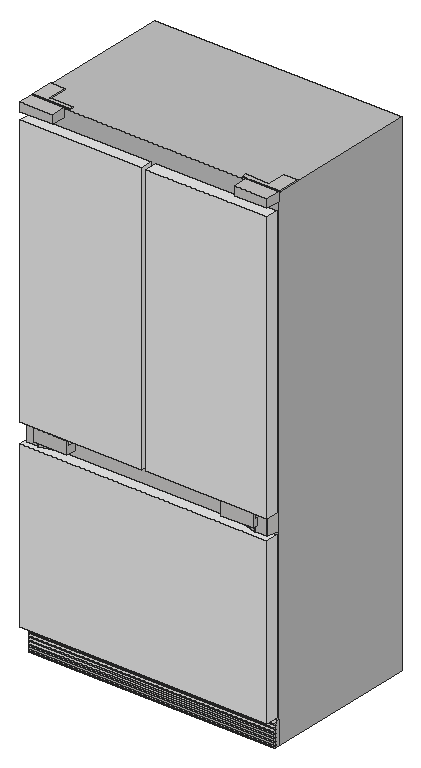
Revit family "FP-Revit20-RS36A72J1-FrenchDoorFridgeFreezer-0-90005086A-US-CA", category Specialty Equipment, Revit 2020
Family settings
  Round Connector Dimension = Use Diameter
  Part Type = Normal
  OmniClass Number = 23.40.40.11.11.17
  OmniClass Title = Refrigerator-Freezer
  Work Plane-Based = No
  Always vertical = Yes
  Cut with Voids When Loaded = Yes
  Shared = No
  Room Calculation Point = No
Parameters
  Visibility - Visibility Control Note = yes
  Visibility - Clearance Required = yes
  URL = "www.fisherpaykel.com"
  Stainless Steel Door Panels (RD90A) = no
  Product - Width = 906 mm  # constant formula
  Product - Height = 1798 mm  # constant formula
  Product - Depth = 604 mm  # constant formula
  Model = "RS36A72J1"
  Material - Trim = Fisher & Paykel - Stainless Steel
  Material - Rollers and Feet = Fisher & Paykel - Black
  Material - Door Structure = Fisher & Paykel - White
  Material - Door Front = Fisher & Paykel - Stainless Steel
  Material - Connections = Fisher & Paykel - Black
  Material - Body = Fisher & Paykel - Grey
  Manufacturer = "Fisher & Paykel Appliances"
  Handle Style - Contemporary Square Fine Black (AHD5RD90AB) = no
  Handle Style - Contemporary Square Fine (AHD5RD90A) = no
  Handle Style - Contemporary Square (RS90A) = no
  Handle Style - Contemporary Round (25329 AHS-ASBI-A) = no
  Description = "90cm Integrated French Door Refrigerator Freezer"
  Default Elevation = 0 mm
  Connector Description - Electrical = "115 V, 60 H, 10 A, fused electrical supply"
  Chassis - Width = 890 mm  # constant formula
  Chassis - Height = 1788 mm  # constant formula
  Chassis - Depth = 561.4 mm  # constant formula
  Cavity - Width = 914 mm  # constant formula
  Cavity - Height = 1800 mm  # constant formula
  Cavity - Depth = 650 mm  # constant formula
Reference planes
  plane 1 "Center (Front/Back)": y = 0
  plane 2: z = 0
  plane 3 "Center (Left/Right)": x = 0
  plane 4 "Product LHS": x = -453
  plane 5 "Product RHS": x = 453
  plane 6 "Cavity - Depth": y = 650
  plane 7 "Cavity LHS": x = -457
  plane 8 "Cavity RHS": x = 457
  plane 9 "Product - Depth": y = 622
  plane 10 "Product Height": z = 1798
  plane 11 "Cavity Height": z = 1800
  plane 12 "Datum": y = 18
Forms (mm)
  Extrusion 1, solid, material "Fisher & Paykel - Grey" <- "Material - Body"
    sketch origin (0, 0, 0) x (0, 1, 0) y (0, 0, 1)
      loop
        line (68.89, 6.6) -> (622, 6.6) -> (622, 1794.6) -> (68.89, 1794.6) -> (68.89, 6.6)
    from -445 to 445
  Extrusion 2, solid, material "Fisher & Paykel - Black" <- "Material - Rollers and Feet"
    sketch origin (0, 0, -4) x (0, 1, 0) y (0, 0, 1)
      loop
        arc (120.09, 10.6) -> (136.133, 4) -> (152.177, 10.6) r 22.8
        line (152.177, 10.6) -> (120.09, 10.6)
      loop
        arc (555.39, 10.6) -> (571.433, 4) -> (587.477, 10.6) r 22.8
        line (587.477, 10.6) -> (555.39, 10.6)
    from 402 to 429
  Extrusion 3, solid, material "Fisher & Paykel - Clearance Required", visible <- "Visibility - Clearance Required", detail levels coarse
    sketch origin (0, 0, 0) x (0, 1, 0) y (0, 0, 1)
      loop
        line (-0.043, 696.43) -> (-359.921, 696.43) -> (-359.921, 631.801) -> (-401.921, 631.801) -> (-401.921, 615.801) -> (-359.921, 615.801) -> (-359.921, 100.03) -> (-0.043, 100.03) -> (-0.043, 696.43)
    from -453 to 453
  Extrusion 4, solid, material "Fisher & Paykel - White" <- "Material - Door Structure"
    sketch origin (0, 0, 0) x (1, 0, 0) y (0, 0, 1)
      loop
        line (-7.74, 1737.6) -> (-445, 1737.6) -> (-445, 763.6) -> (-7.74, 763.6) -> (-7.74, 1737.6)
      loop
        line (7.74, 1737.6) -> (7.74, 763.6) -> (445, 763.6) -> (445, 1737.6) -> (7.74, 1737.6)
      loop
        line (-445, 693.1) -> (-445, 101.1) -> (445, 101.1) -> (445, 693.1) -> (-445, 693.1)
    from -60.6 to -18
  Extrusion 5, solid, material "Fisher & Paykel - White" <- "Material - Door Structure"
    sketch origin (0, 0, 0) x (1, 0, 0) y (0, 0, 1)
      loop
        line (-434.6, 685.2) -> (-434.6, 109) -> (434.6, 109) -> (434.6, 685.2) -> (-434.6, 685.2)
      loop
        line (-13.88, 776) -> (-13.88, 1722.7) -> (-434.58, 1722.7) -> (-434.58, 776) -> (-13.88, 776)
      loop
        line (13.88, 776) -> (434.58, 776) -> (434.58, 1722.7) -> (13.88, 1722.7) -> (13.88, 776)
    from -68.89 to -60.552
  Extrusion 6, solid, material "Fisher & Paykel - Stainless Steel" <- "Material - Trim"
    sketch origin (0, -2, 0) x (1, 0, 0) y (0, 1, 0)
      loop
        line (-441.5, 70.89) -> (-434.782, 36.328)
        arc (-434.782, 36.328) -> (-433.745, 34.585) -> (-431.837, 33.9) r 3
        line (-431.837, 33.9) -> (-393.733, 33.9)
        arc (-393.733, 33.9) -> (-391.738, 34.034) -> (-389.779, 34.431) r 15
        line (-389.779, 34.431) -> (-320.032, 53.491) -> (320.032, 53.491) -> (389.779, 34.431)
        arc (389.779, 34.431) -> (391.738, 34.034) -> (393.733, 33.9) r 15
        line (393.733, 33.9) -> (431.837, 33.9)
        arc (431.837, 33.9) -> (433.745, 34.585) -> (434.782, 36.328) r 3
        line (434.782, 36.328) -> (441.5, 70.89) -> (-441.5, 70.89)
    from 696.967 to 759.03
  Extrusion 7, solid, material "Fisher & Paykel - Stainless Steel" <- "Material - Trim"
    sketch origin (0, -2, 0) x (0, 1, 0) y (0, 0, 1)
      loop
        line (20, 762.6) -> (20, 715.3) -> (70.89, 715.3) -> (70.89, 743.6) -> (25, 743.6) -> (25, 762.6) -> (20, 762.6)
    from 276.67 to 395
  Extrusion 8, solid, material "Fisher & Paykel - Stainless Steel" <- "Material - Trim"
    sketch origin (0, -2, 0) x (0, 1, 0) y (0, 0, -1)
      loop
        line (20, -762.6) -> (25, -762.6) -> (25, -743.6) -> (70.89, -743.6) -> (70.89, -715.3) -> (20, -715.3) -> (20, -762.6)
    from 276.67 to 395
  Extrusion 9, solid, material "Fisher & Paykel - Stainless Steel" <- "Material - Trim"
    sketch origin (0, 0, 0) x (1, 0, 0) y (0, 1, 0)
      loop
        line (-327.17, 18) -> (-327.17, 68.89) -> (-445, 68.89) -> (-445, 18) -> (-327.17, 18)
      loop
        line (445, 18) -> (445, 68.89) -> (327.17, 68.89) -> (327.17, 18) -> (445, 18)
    from 1765.6 to 1797.6
  Extrusion 10, solid, material "Fisher & Paykel - Stainless Steel" <- "Material - Trim", detail levels fine
    sketch origin (0, 0, 0) x (1, 0, 0) y (0, 1, 0)
      loop
        line (-445, 154.61) -> (-445, 73.11) -> (-311.45, 73.11) -> (-311.45, 88.11) -> (-394, 88.11) -> (-394, 154.61) -> (-445, 154.61)
      loop
        line (445, 154.61) -> (394.85, 154.61) -> (394.85, 88.11) -> (311.45, 88.11) -> (311.45, 73.11) -> (445, 73.11) -> (445, 154.61)
    from 1794.6 to 1797.6
  Extrusion 11, solid, material "Fisher & Paykel - Black" <- "Material - Rollers and Feet", detail levels fine
    sketch origin (0, 0, -4) x (0, 1, 0) y (0, 0, -1)
      loop
        line (120.09, -10.6) -> (152.177, -10.6)
        arc (152.177, -10.6) -> (136.133, -4) -> (120.09, -10.6) r 22.8
      loop
        line (555.39, -10.6) -> (587.477, -10.6)
        arc (587.477, -10.6) -> (571.433, -4) -> (555.39, -10.6) r 22.8
    from 402 to 429
  Extrusion 12, solid, material "Fisher & Paykel - Stainless Steel" <- "Material - Trim", detail levels fine
    sketch origin (0, -2, 0) x (0, 1, 0) y (0, 0, 1)
      loop
        line (24.91, 101.1) -> (24.91, 94.1) -> (50.15, 94.1) -> (50.15, 101.1) -> (24.91, 101.1)
    from -20.67 to 20.7
  Extrusion 13, solid, material "Fisher & Paykel - Stainless Steel" <- "Material - Trim", detail levels fine
    sketch origin (0, -2, 0) x (0, 1, 0) y (0, 0, 1)
      loop
        line (70.89, 90.613) -> (53.491, 85.951) -> (53.491, 81.639) -> (61.43, 81.639) -> (61.43, 75.465) -> (53.491, 73.338) -> (53.491, 69.031) -> (61.43, 69.031) -> (61.43, 62.857) -> (53.491, 60.73) -> (53.491, 56.423) -> (61.43, 56.423) -> (61.43, 50.254) -> (53.491, 48.127) -> (53.491, 43.821) -> (61.43, 43.821) -> (61.43, 37.652) -> (53.491, 35.525) -> (53.491, 31.218) -> (61.43, 31.218) -> (61.43, 25.049) -> (53.491, 22.922) -> (53.491, 18.585) -> (61.43, 18.585) -> (61.43, 12.447) -> (53.491, 10.32) -> (53.491, 6.6) -> (70.89, 6.6) -> (70.89, 90.613)
    from -445 to 445
  Extrusion 14, solid, material "Fisher & Paykel - Stainless Steel" <- "Material - Trim", detail levels coarse+medium
    sketch origin (0, -2, 0) x (0, 1, 0) y (0, 0, 1)
      loop
        line (70.89, 90.613) -> (53.491, 85.951) -> (53.491, 6.6) -> (70.89, 6.6) -> (70.89, 90.613)
    from -445 to 445
  Extrusion 15, void
    sketch origin (0, -2000, 0) x (1, 0, 0) y (0, 1, 0)
      loop
        line (-386.5, 2622) -> (-386.5, 2068.89) -> (386.5, 2068.89) -> (386.5, 2622) -> (-386.5, 2622)
    from 6.6 to 56.423
  Extrusion 16, solid, material "Fisher & Paykel - Stainless Steel" <- "Material - Door Front", visible <- "Stainless Steel Door Panels (RD90A)"
    sketch origin (0, 0, 0) x (1, 0, 0) y (0, 0, 1)
      loop
        line (-448, 696.43) -> (-448, 100.03) -> (448, 100.03) -> (448, 696.43) -> (-448, 696.43)
      loop
        line (-448, 700.43) -> (-2, 700.43) -> (-2, 1796.43) -> (-448, 1796.43) -> (-448, 700.43)
      loop
        line (2, 1796.43) -> (2, 700.43) -> (448, 700.43) -> (448, 1796.43) -> (2, 1796.43)
    from -18 to 0.043
  Extrusion 17, void
    sketch origin (0, -2, 0) x (1, 0, 0) y (0, 1, 0)
      loop
        arc (445, 57.948) -> (443.695, 54.796) -> (440.543, 53.491) r 4.457
        line (440.543, 53.491) -> (445, 53.491) -> (445, 57.948)
      loop
        line (-445, 57.948) -> (-445, 53.491) -> (-440.543, 53.491)
        arc (-440.543, 53.491) -> (-443.695, 54.796) -> (-445, 57.948) r 4.457
    from 6.6 to 100.03
  Extrusion 18, solid, material "Fisher & Paykel - Clearance Required", visible <- "Visibility - Clearance Required", detail levels coarse
    sketch origin (0, 0, 0) x (1, 0, 0) y (0, 1, 0)
      loop
        line (-457, 650) -> (-457, 18) -> (457, 18) -> (457, 650) -> (-457, 650)
    from 0 to 1800
  Extrusion 19, solid, material "Fisher & Paykel - Clearance Required", visible <- "Visibility - Clearance Required", detail levels coarse
    sketch origin (0, 0, 0) x (1, 0, 0) y (0, 1, 0)
      loop
        line (-453, -0.043) -> (-610.872, -338.602) -> (-647.125, -321.697) -> (-653.73, -335.861) -> (-617.477, -352.766) -> (-643.601, -408.788)
        arc (-643.601, -408.788) -> (-210.678, -380.413) -> (-2, -0.043) r 451
        line (-2, -0.043) -> (-453, -0.043)
      loop
        line (453, -0.043) -> (2, -0.043)
        arc (2, -0.043) -> (210.678, -380.413) -> (643.601, -408.788) r 451
        line (643.601, -408.788) -> (617.477, -352.766) -> (653.73, -335.861) -> (647.125, -321.697) -> (610.872, -338.602) -> (453, -0.043)
    from 700.43 to 1800
  Extrusion 20, void
    sketch origin (0, 0, 0) x (1, 0, 0) y (0, 0, 1)
      loop
        line (275, 69.031) -> (275, 200) -> (0, 200) -> (0, 69.031) -> (275, 69.031)
      loop
        circle (225, 135) r 3
      loop
        circle (50, 135) r 3
    from -622 to -620
  Extrusion 21, void
    sketch origin (0, 0, 0) x (1, 0, 0) y (0, 1, 0)
      loop
        line (-457, 650) -> (-457, 0) -> (457, 0) -> (457, 650) -> (-457, 650)
    from 0 to 1800
Cuts and joins
  Extrusion 15, Extrusion 20 cuts Extrusion 1
  Extrusion 17 cuts Extrusion 13
  Extrusion 17 cuts Extrusion 14
  joined: Extrusion 6, Extrusion 7, Extrusion 8
Lines and regions (mm)
  model lines, style "Fisher & Paykel"
    curve 1: line (-453, 18, 1796.43) -> (-2, 18, 1796.43)
    curve 2: line (-453, 18, 700.43) -> (-453, 18, 1796.43)
    curve 3: line (-2, 18, 700.43) -> (-453, 18, 700.43)
    curve 4: line (-2, 18, 1796.43) -> (-2, 18, 700.43)
    curve 5: line (2, 18, 700.43) -> (453, 18, 700.43)
    curve 6: line (2, 18, 1796.43) -> (2, 18, 700.43)
    curve 7: line (453, 18, 1796.43) -> (2, 18, 1796.43)
    curve 8: line (453, 18, 700.43) -> (453, 18, 1796.43)
    curve 9: line (-453, 18, 696.43) -> (453, 18, 696.43)
    curve 10: line (-453, 18, 100.03) -> (-453, 18, 696.43)
    curve 11: line (453, 18, 100.03) -> (-453, 18, 100.03)
    curve 12: line (453, 18, 696.43) -> (453, 18, 100.03)
Text (mm)
  text "Due to ongoing product development, product details are subject to change without notice. \nPlease always refer to www.fisherpaykel.com for the most current product information. \n© Fisher & Paykel 2020" at (41.04, -527.568, 0), in view "Ref. Level (Plan)"
Dimensions and locks
  equal spacing: plane 4 "Product LHS", plane 3 "Center (Left/Right)", plane 5 "Product RHS"
  "Product - Width": plane 4 "Product LHS" to plane 5 "Product RHS"
  "Cavity - Depth": plane 1 "Center (Front/Back)" to plane 6 "Cavity - Depth"
  equal spacing: plane 7 "Cavity LHS", plane 3 "Center (Left/Right)", plane 8 "Cavity RHS"
  "Cavity - Width": plane 7 "Cavity LHS" to plane 8 "Cavity RHS"
  "Product - Height": level to plane 10 "Product Height"
  "Cavity - Height": plane 11 "Cavity Height" to level
  "Chassis - Height": Extrusion 1 to Extrusion 1
  Extrusion 12 to Extrusion 14 = 94.5 mm
  locked: plane 1 "Center (Front/Back)" to plane 12 "Datum" at 18
  "Product - Depth": plane 9 "Product - Depth" to plane 12 "Datum"
  equal spacing: cut or joined group of Extrusion 1, Extrusion 15, Extrusion 20, plane 3 "Center (Left/Right)", cut or joined group of Extrusion 1, Extrusion 15, Extrusion 20  (x2)
  "Chassis - Width": cut or joined group of Extrusion 1, Extrusion 15, Extrusion 20 to cut or joined group of Extrusion 1, Extrusion 15, Extrusion 20
  aligned and locked: level to plane 2
  aligned and locked: Extrusion 17 to Extrusion 2
  aligned and locked: plane 9 "Product - Depth" to Extrusion 1
  aligned and locked: cut or joined group of Extrusion 1, Extrusion 15, Extrusion 20 to Extrusion 13
  aligned and locked: cut or joined group of Extrusion 1, Extrusion 15, Extrusion 20 to Extrusion 14
  aligned and locked: Extrusion 14 to cut or joined group of Extrusion 1, Extrusion 15, Extrusion 20
  aligned and locked: Extrusion 13 to cut or joined group of Extrusion 1, Extrusion 15, Extrusion 20
  aligned and locked: Extrusion 10 sketch curve to cut or joined group of Extrusion 1, Extrusion 15, Extrusion 20
  aligned and locked: Extrusion 4 sketch curve to cut or joined group of Extrusion 1, Extrusion 15, Extrusion 20  (x2)
  aligned and locked: Extrusion 4 sketch curve to Extrusion 4 sketch curve
  aligned and locked: cut or joined group of Extrusion 1, Extrusion 15, Extrusion 20 to Extrusion 4 sketch curve
  aligned and locked: Extrusion 17 sketch curve to cut or joined group of Extrusion 13, Extrusion 17
  aligned and locked: Extrusion 9 to Extrusion 17 sketch curve
  aligned and locked: Extrusion 17 sketch curve to Extrusion 9
  aligned and locked: plane 9 "Product - Depth" to Extrusion 20
  aligned and locked: Extrusion 16 sketch curve to Extrusion 16 sketch curve  (x2)
Automatic sketch dimensions
  Extrusion 1 sketch curve to plane 9 "Product - Depth" = 0 mm
  level to Extrusion 1 sketch curve = 6.6 mm
  Extrusion 1 sketch curve to plane 12 "Datum" = 50.89 mm
  plane 10 "Product Height" to Extrusion 1 sketch curve = 3.4 mm
  level to Extrusion 2 sketch curve = 6.6 mm  (x2)
  Extrusion 2 sketch curve to plane 12 "Datum" = 102.09 mm
  Extrusion 2 sketch curve to Extrusion 2 sketch curve = 16.044 mm  (x2)
  Extrusion 2 sketch curve to plane 9 "Product - Depth" = 66.61 mm
  level to Extrusion 2 sketch curve = 22.8 mm  (x2)
  plane 1 "Center (Front/Back)" to Extrusion 3 sketch curve = 401.921 mm
  Extrusion 3 sketch curve to Extrusion 3 sketch curve = 42 mm
  level to Extrusion 3 sketch curve = 100.03 mm
  plane 1 "Center (Front/Back)" to Extrusion 3 sketch curve = 359.921 mm
  plane 1 "Center (Front/Back)" to Extrusion 3 sketch curve = 0.043 mm
  Extrusion 3 sketch curve to Extrusion 3 sketch curve = 515.771 mm
  Extrusion 3 sketch curve to Extrusion 3 sketch curve = 16 mm
  Extrusion 3 sketch curve to Extrusion 3 sketch curve = 64.629 mm
  Extrusion 4 sketch curve to plane 3 "Center (Left/Right)" = 7.74 mm
  plane 3 "Center (Left/Right)" to Extrusion 4 sketch curve = 7.74 mm
  level to Extrusion 4 sketch curve = 101.1 mm
  Extrusion 4 sketch curve to Extrusion 4 sketch curve = 592 mm
  Extrusion 4 sketch curve to Extrusion 4 sketch curve = 70.5 mm
  Extrusion 4 sketch curve to Extrusion 4 sketch curve = 0 mm
  plane 10 "Product Height" to Extrusion 4 sketch curve = 60.4 mm  (x2)
  Extrusion 5 sketch curve to plane 4 "Product LHS" = 18.4 mm
  Extrusion 5 sketch curve to plane 4 "Product LHS" = 18.42 mm
  Extrusion 5 sketch curve to plane 3 "Center (Left/Right)" = 13.88 mm
  plane 3 "Center (Left/Right)" to Extrusion 5 sketch curve = 13.88 mm
  plane 5 "Product RHS" to Extrusion 5 sketch curve = 18.42 mm
  plane 5 "Product RHS" to Extrusion 5 sketch curve = 18.4 mm
  level to Extrusion 5 sketch curve = 109 mm
  Extrusion 5 sketch curve to Extrusion 5 sketch curve = 576.2 mm
  Extrusion 5 sketch curve to Extrusion 5 sketch curve = 90.8 mm
  Extrusion 5 sketch curve to Extrusion 5 sketch curve = 0 mm  (x2)
  plane 10 "Product Height" to Extrusion 5 sketch curve = 75.3 mm
  Extrusion 6 sketch curve to plane 4 "Product LHS" = 11.5 mm
  Extrusion 6 sketch curve to plane 4 "Product LHS" = 18.218 mm
  Extrusion 6 sketch curve to Extrusion 6 sketch curve = 2.945 mm  (x2)
  Extrusion 6 sketch curve to plane 12 "Datum" = 13.9 mm
  Extrusion 6 sketch curve to Extrusion 6 sketch curve = 38.104 mm
  Extrusion 6 sketch curve to plane 12 "Datum" = 14.431 mm  (x2)
  Extrusion 6 sketch curve to Extrusion 6 sketch curve = 3.954 mm  (x2)
  Extrusion 6 sketch curve to plane 12 "Datum" = 33.491 mm
  Extrusion 6 sketch curve to Extrusion 6 sketch curve = 69.747 mm
  plane 5 "Product RHS" to Extrusion 6 sketch curve = 132.968 mm
  plane 5 "Product RHS" to Extrusion 6 sketch curve = 63.221 mm
  plane 5 "Product RHS" to Extrusion 6 sketch curve = 21.163 mm
  plane 5 "Product RHS" to Extrusion 6 sketch curve = 11.5 mm
  Extrusion 6 sketch curve to plane 1 "Center (Front/Back)" = 31.9 mm
  Extrusion 6 sketch curve to Extrusion 6 sketch curve = 2.428 mm  (x2)
  Extrusion 6 sketch curve to Extrusion 6 sketch curve = 34.562 mm
  Extrusion 7 sketch curve to plane 12 "Datum" = 0 mm
  Extrusion 7 sketch curve to Extrusion 7 sketch curve = 5 mm
  Extrusion 7 sketch curve to Extrusion 7 sketch curve = 50.89 mm
  level to Extrusion 7 sketch curve = 715.3 mm
  Extrusion 7 sketch curve to Extrusion 7 sketch curve = 28.3 mm
  Extrusion 7 sketch curve to Extrusion 7 sketch curve = 19 mm
  Extrusion 8 sketch curve to plane 12 "Datum" = 0 mm
  Extrusion 8 sketch curve to Extrusion 8 sketch curve = 5 mm
  Extrusion 8 sketch curve to Extrusion 8 sketch curve = 50.89 mm
  level to Extrusion 8 sketch curve = 762.6 mm
  Extrusion 8 sketch curve to Extrusion 8 sketch curve = 19 mm
  Extrusion 8 sketch curve to Extrusion 8 sketch curve = 28.3 mm
  plane 12 "Datum" to Extrusion 9 sketch curve = 0 mm  (x2)
  Extrusion 9 sketch curve to plane 4 "Product LHS" = 8 mm
  Extrusion 9 sketch curve to plane 12 "Datum" = 50.89 mm  (x2)
  Extrusion 9 sketch curve to Extrusion 9 sketch curve = 117.83 mm
  plane 5 "Product RHS" to Extrusion 9 sketch curve = 125.83 mm
  plane 5 "Product RHS" to Extrusion 9 sketch curve = 8 mm
  Extrusion 10 sketch curve to Extrusion 10 sketch curve = 51 mm
  Extrusion 10 sketch curve to Extrusion 10 sketch curve = 82.55 mm
  Extrusion 10 sketch curve to plane 12 "Datum" = 55.11 mm  (x2)
  plane 5 "Product RHS" to Extrusion 10 sketch curve = 141.55 mm
  plane 5 "Product RHS" to Extrusion 10 sketch curve = 58.15 mm
  plane 5 "Product RHS" to Extrusion 10 sketch curve = 8 mm
  Extrusion 10 sketch curve to Extrusion 10 sketch curve = 15 mm  (x2)
  Extrusion 10 sketch curve to Extrusion 10 sketch curve = 66.5 mm  (x2)
  level to Extrusion 11 sketch curve = 6.6 mm  (x2)
  Extrusion 11 sketch curve to plane 12 "Datum" = 102.09 mm
  Extrusion 11 sketch curve to Extrusion 11 sketch curve = 16.044 mm  (x2)
  Extrusion 11 sketch curve to plane 9 "Product - Depth" = 66.61 mm
  level to Extrusion 11 sketch curve = 22.8 mm  (x2)
  Extrusion 12 sketch curve to plane 12 "Datum" = 4.91 mm
  Extrusion 12 sketch curve to Extrusion 12 sketch curve = 25.24 mm
  level to Extrusion 12 sketch curve = 94.1 mm
  Extrusion 12 sketch curve to Extrusion 12 sketch curve = 7 mm
  Extrusion 13 sketch curve to plane 12 "Datum" = 33.491 mm  (x3)
  level to Extrusion 13 sketch curve = 6.6 mm
  Extrusion 13 sketch curve to Extrusion 13 sketch curve = 0 mm  (x8)
  Extrusion 13 sketch curve to Extrusion 13 sketch curve = 7.939 mm  (x2)
  Extrusion 13 sketch curve to Extrusion 13 sketch curve = 9.46 mm
  Extrusion 13 sketch curve to Extrusion 13 sketch curve = 3.72 mm
  Extrusion 13 sketch curve to Extrusion 13 sketch curve = 2.127 mm
  Extrusion 13 sketch curve to Extrusion 13 sketch curve = 8.266 mm
  Extrusion 13 sketch curve to Extrusion 13 sketch curve = 4.337 mm
  Extrusion 13 sketch curve to Extrusion 13 sketch curve = 6.464 mm
  Extrusion 13 sketch curve to Extrusion 13 sketch curve = 6.169 mm  (x3)
  Extrusion 13 sketch curve to Extrusion 13 sketch curve = 4.306 mm  (x4)
  Extrusion 13 sketch curve to Extrusion 13 sketch curve = 6.433 mm  (x4)
  Extrusion 13 sketch curve to Extrusion 13 sketch curve = 6.175 mm  (x2)
  Extrusion 13 sketch curve to Extrusion 13 sketch curve = 4.312 mm
  Extrusion 13 sketch curve to Extrusion 13 sketch curve = 8.974 mm
  Extrusion 14 sketch curve to plane 12 "Datum" = 33.491 mm
  level to Extrusion 14 sketch curve = 6.6 mm
  Extrusion 14 sketch curve to Extrusion 14 sketch curve = 17.399 mm
  Extrusion 14 sketch curve to Extrusion 14 sketch curve = 79.351 mm
  Extrusion 14 sketch curve to Extrusion 14 sketch curve = 4.662 mm
  Extrusion 15 sketch curve to plane 9 "Product - Depth" = 0 mm
  Extrusion 15 sketch curve to plane 4 "Product LHS" = 66.5 mm
  plane 5 "Product RHS" to Extrusion 15 sketch curve = 66.5 mm
  Extrusion 15 sketch curve to plane 12 "Datum" = 50.89 mm
  Extrusion 17 sketch curve to Extrusion 17 sketch curve = 4.457 mm  (x2)
  Extrusion 17 sketch curve to plane 12 "Datum" = 33.491 mm
  Extrusion 18 sketch curve to plane 7 "Cavity LHS" = 0 mm
  Extrusion 18 sketch curve to plane 8 "Cavity RHS" = 0 mm
  plane 12 "Datum" to Extrusion 18 sketch curve = 0 mm
  plane 6 "Cavity - Depth" to Extrusion 18 sketch curve = 0 mm
  Extrusion 19 sketch curve to plane 4 "Product LHS" = 0 mm  (x2)
  Extrusion 19 sketch curve to plane 5 "Product RHS" = 0 mm  (x2)
  plane 7 "Cavity LHS" to Extrusion 19 sketch curve = 153.872 mm
  Extrusion 19 sketch curve to Extrusion 19 sketch curve = 6.605 mm  (x3)
  Extrusion 19 sketch curve to Extrusion 19 sketch curve = 26.124 mm
  Extrusion 19 sketch curve to Extrusion 19 sketch curve = 36.252 mm  (x2)
  plane 1 "Center (Front/Back)" to Extrusion 19 sketch curve = 0.043 mm  (x2)
  Extrusion 19 sketch curve to plane 3 "Center (Left/Right)" = 2 mm
  plane 3 "Center (Left/Right)" to Extrusion 19 sketch curve = 2 mm
  Extrusion 19 sketch curve to plane 8 "Cavity RHS" = 153.872 mm
  plane 1 "Center (Front/Back)" to Extrusion 19 sketch curve = 408.788 mm
  plane 1 "Center (Front/Back)" to Extrusion 19 sketch curve = 335.861 mm
  Extrusion 20 sketch curve to plane 3 "Center (Left/Right)" = 0 mm
  plane 3 "Center (Left/Right)" to Extrusion 20 sketch curve = 50 mm
  Extrusion 20 sketch curve to Extrusion 20 sketch curve = 175 mm
  Extrusion 20 sketch curve to Extrusion 20 sketch curve = 50 mm
  level to Extrusion 20 sketch curve = 69.031 mm
  Extrusion 20 sketch curve to Extrusion 20 sketch curve = 65.969 mm  (x2)
  Extrusion 20 sketch curve to Extrusion 20 sketch curve = 65 mm
  Extrusion 21 sketch curve to plane 7 "Cavity LHS" = 0 mm
  Extrusion 21 sketch curve to plane 8 "Cavity RHS" = 0 mm
  plane 12 "Datum" to Extrusion 21 sketch curve = 18 mm
  plane 6 "Cavity - Depth" to Extrusion 21 sketch curve = 0 mm
  plane 4 "Product LHS" to curve 1 = 0 mm
  plane 5 "Product RHS" to curve 8 = 0 mm
  plane 4 "Product LHS" to curve 9 = 0 mm
  plane 5 "Product RHS" to curve 9 = 0 mm
  plane 10 "Product Height" to curve 1 = 1.57 mm
  plane 10 "Product Height" to curve 8 = 1.57 mm
  level to curve 5 = 700.43 mm
  curve 4 to plane 3 "Center (Left/Right)" = 2 mm
  curve 4 to curve 5 = 0 mm
  curve 2 to curve 9 = 4 mm
  level to curve 11 = 100.03 mm
  plane 3 "Center (Left/Right)" to curve 7 = 2 mm
  Extrusion 16 sketch curve to plane 4 "Product LHS" = 5 mm
  plane 10 "Product Height" to Extrusion 16 sketch curve = 1.57 mm  (x2)
  Extrusion 16 sketch curve to plane 3 "Center (Left/Right)" = 2 mm
  plane 3 "Center (Left/Right)" to Extrusion 16 sketch curve = 2 mm
  plane 5 "Product RHS" to Extrusion 16 sketch curve = 5 mm
  level to Extrusion 16 sketch curve = 700.43 mm
  Extrusion 16 sketch curve to Extrusion 16 sketch curve = 0 mm
  Extrusion 16 sketch curve to Extrusion 16 sketch curve = 4 mm
  level to Extrusion 16 sketch curve = 100.03 mm
  radius of Extrusion 20 sketch curve = 3 mm  (x2)
Nested families
  nested 1: "F&P Handle Kit - Contemporary Square - Horizontal" at (0, 0, 623.802), visible <- "Handle Style - Contemporary Square (RS90A)", type "RS90A - Contemporary square handle (2 of 2) (Horizontal) 746mm"
  nested 2: "F&P Handle Kit - Contemporary Square - Vertical" at (67.3, 0, 1128.5), visible <- "Handle Style - Contemporary Square (RS90A)", type "RS90A - Contemporary square handle (1 of 2) (Vertical) 727mm"
  nested 3: "F&P Handle Kit - Contemporary Square - Vertical" at (-67.3, 0, 1128.5), visible <- "Handle Style - Contemporary Square (RS90A)", type "RS90A - Contemporary square handle (1 of 2) (Vertical) 727mm"
  nested 4: "Comment Marker 2D" at (0, 95.815, 0), visible <- "Visibility - Visibility Control Note", type "Active"
  nested 5: "F&P Handle Kit - Contemporary Round - Horizontal" at (0, -0.043, 623.78), visible <- "Handle Style - Contemporary Round (25329 AHS-ASBI-A)", type "25329 AHS-ASBI-A - Contemporary round handle (2 of 2) (Horizontal) 746mm"
  nested 6: "F&P Handle Kit - Contemporary Round - Vertical" at (-67.3, -0.043, 1128.5), visible <- "Handle Style - Contemporary Round (25329 AHS-ASBI-A)", type "25329 AHS-ASBI-A - Contemporary round handle (1 of 2) (Vertical) 727mm"
  nested 7: "F&P Handle Kit - Contemporary Square Fine - Horizontal" at (0, -0.043, 623.78), visible <- "Handle Style - Contemporary Square Fine (AHD5RD90A)", type "AHD5RD90A - Contemporary square fine handle (2 of 2) (Horizontal) 746mm"
  nested 8: "F&P Handle Kit - Contemporary Square Fine - Horizontal" at (0, -0.043, 623.78), visible <- "Handle Style - Contemporary Square Fine Black (AHD5RD90AB)", type "AHD5RD90AB - Contemporary square fine black handle (2 of 2) (Horizontal) 746mm"
  nested 9: "F&P Handle Kit - Contemporary Square Fine - Vertical" at (-67.3, -0.043, 1128.5), visible <- "Handle Style - Contemporary Square Fine (AHD5RD90A)", type "AHD5RD90A - Contemporary square fine handle (1 of 2) (Vertical) 727mm"
  nested 10: "F&P Handle Kit - Contemporary Square Fine - Vertical" at (-67.3, -0.043, 1128.5), visible <- "Handle Style - Contemporary Square Fine Black (AHD5RD90AB)", type "AHD5RD90AB - Contemporary square fine black handle (1 of 2) (Vertical) 727mm"
  nested 11: "F&P Handle Kit - Contemporary Round - Vertical" at (67.3, -0.043, 1128.5), visible <- "Handle Style - Contemporary Round (25329 AHS-ASBI-A)", type "25329 AHS-ASBI-A - Contemporary round handle (1 of 2) (Vertical) 727mm"
  nested 12: "F&P Handle Kit - Contemporary Square Fine - Vertical" at (67.3, -0.043, 1128.5), visible <- "Handle Style - Contemporary Square Fine (AHD5RD90A)", type "AHD5RD90A - Contemporary square fine handle (1 of 2) (Vertical) 727mm"
  nested 13: "F&P Handle Kit - Contemporary Square Fine - Vertical" at (67.3, -0.043, 1128.5), visible <- "Handle Style - Contemporary Square Fine Black (AHD5RD90AB)", type "AHD5RD90AB - Contemporary square fine black handle (1 of 2) (Vertical) 727mm"
Connectors
  electrical at (50, 622, 135), driven by "Connector Description - Electrical"
    settings: on cut or joined group of Extrusion 1, Extrusion 15, Extrusion 20, index 1, voltage 230 V, apparent load 0 VA, apparent load phase1 0 VA, apparent load phase2 0 VA, apparent load phase3 0 VA, power factor 1, load classification "Other", number of poles 1, system type 30, power factor state 1, is connector primary yes, connector utility no, sub classification motor no, connector description "115 V, 60 H, 10 A, fused electrical supply"
Definition of nested family "F&P Handle Kit - Contemporary Square - Horizontal"
  Parameters (values of type "RS90A - Contemporary square handle (2 of 2) (Horizontal) 746mm")
    URL = "www.fisherpaykel.com"
    Material - Handle = none
    Manufacturer = "Fisher & Paykel Appliances"
    Handle - Length = 746 mm
    Default Elevation = 0 mm
  Types (9, lengths in mm): name | Handle - Length
    (no name) | 746
    AHD3RD2484W - Contemporary square handle (2 of 2) (Horizontal) 494mm | 494
    AHD3RD3084W - Contemporary square handle (2 of 2) (Horizontal) 646mm | 646
    AHD3RS3272A - Contemporary square handle (2 of 2) (Horizontal) 646mm | 646
    AHD3RS80A - Contemporary square handle (2 of 2) (Horizontal) 646mm | 646
    AHD3RD6121W - Contemporary square handle (2 of 2) (Horizontal) 494mm | 494
    AHD3RD7621W - Contemporary square handle (2 of 2) (Horizontal) 646mm | 646
    RS36A - Contemporary square handle (2 of 2) (Horizontal) 746mm | 746
    RS90A - Contemporary square handle (2 of 2) (Horizontal) 746mm | 746
  Reference planes
    plane 1 "Center (Front/Back)": y = 0
    plane 2: z = 0
    plane 3 "Center (Left/Right)": x = 0
    plane 4 "Product LHS": x = -373
    plane 5 "Product RHS": x = 373
    plane 6 "LHS Standoff": x = -252.995
    plane 7 "RHS Standoff": x = 253.005
  Forms (mm)
    Extrusion 1, solid, material <- "Material - Handle", detail levels fine
      sketch origin (0, 0, 0) x (0, 1, 0) y (0, 0, 1)
        loop
          arc (-28.701, 7.561) -> (-29.057, 7.868) -> (-29.514, 7.978) r 1
          line (-29.514, 7.978) -> (-40.5, 7.978)
          arc (-40.5, 7.978) -> (-41.561, 7.539) -> (-42, 6.478) r 1.5
          line (-42, 6.478) -> (-42, -6.522)
          arc (-42, -6.522) -> (-41.561, -7.583) -> (-40.5, -8.022) r 1.5
          line (-40.5, -8.022) -> (-29.487, -8.022)
          arc (-29.487, -8.022) -> (-29.029, -7.911) -> (-28.673, -7.602) r 1
          arc (-28.673, -7.602) -> (-26.256, -0.016) -> (-28.701, 7.561) r 13.038
      from -373 to 373
    Extrusion 2, solid, material <- "Material - Handle", detail levels fine
      sketch origin (0, 0, 0) x (0, 1, 0) y (0, 0, 1)
        loop
          arc (-28.23, 7.062) -> (-26.156, 0.008) -> (-28.198, -7.056) r 13.136
          arc (-28.198, -7.056) -> (-28.21, -7.463) -> (-27.86, -7.67) r 0.4
          line (-27.86, -7.67) -> (0, -7.67) -> (0, 7.678) -> (-27.893, 7.678)
          arc (-27.893, 7.678) -> (-28.244, 7.47) -> (-28.23, 7.062) r 0.4
      from 253.005 to 373
    Extrusion 3, solid, material <- "Material - Handle", detail levels fine
      sketch origin (0, 0, 0) x (0, 1, 0) y (0, 0, -1)
        loop
          arc (-28.23, -7.062) -> (-28.244, -7.47) -> (-27.893, -7.678) r 0.4
          line (-27.893, -7.678) -> (0, -7.678) -> (0, 7.67) -> (-27.86, 7.67)
          arc (-27.86, 7.67) -> (-28.21, 7.463) -> (-28.198, 7.056) r 0.4
          arc (-28.198, 7.056) -> (-26.156, -0.008) -> (-28.23, -7.062) r 13.136
      from 252.995 to 373
    Sweep 4, void
      path in 3D
        loop
          line (373, -29.514, 7.978) -> (373, -40.5, 7.978)
          arc (373, -40.5, 7.978) -> (373, -41.561, 7.539) -> (373, -42, 6.478) r 1.5
          line (373, -42, 6.478) -> (373, -42, -6.522)
          arc (373, -42, -6.522) -> (373, -41.561, -7.583) -> (373, -40.5, -8.022) r 1.5
          line (373, -40.5, -8.022) -> (373, -29.487, -8.022)
      profile origin (373, -35.007, 7.978) x (1, 0, 0) y (0, 0, 1)
        loop
          line (0, 0) -> (-1.3, 0) -> (0, -1.3) -> (0, 0)
    Sweep 5, void
      path in 3D
        loop
          line (-373, -29.487, -8.022) -> (-373, -40.5, -8.022)
          arc (-373, -40.5, -8.022) -> (-373, -41.561, -7.583) -> (-373, -42, -6.522) r 1.5
          line (-373, -42, -6.522) -> (-373, -42, 6.478)
          arc (-373, -42, 6.478) -> (-373, -41.561, 7.539) -> (-373, -40.5, 7.978) r 1.5
          line (-373, -40.5, 7.978) -> (-373, -29.514, 7.978)
      profile origin (-373, -35.007, 7.978) x (-1, 0, 0) y (0, 0, 1)
        loop
          line (0, 0) -> (-1.3, 0) -> (0, -1.3) -> (0, 0)
    Extrusion 6, void
      sketch origin (0, 0, 0) x (1, 0, 0) y (0, 0, 1)
        loop
          line (373, 7.978) -> (371.7, 7.978) -> (373, 6.678) -> (373, 7.978)
        loop
          line (373, -8.022) -> (373, -6.722) -> (371.7, -8.022) -> (373, -8.022)
      from 0 to 40
    Extrusion 7, void
      sketch origin (0, 0, 0) x (1, 0, 0) y (0, 0, 1)
        loop
          line (-373, 7.978) -> (-373, 6.678) -> (-371.7, 7.978) -> (-373, 7.978)
        loop
          line (-373, -8.022) -> (-371.7, -8.022) -> (-373, -6.722) -> (-373, -8.022)
      from 0 to 40
    Extrusion 8, solid, material <- "Material - Handle", detail levels coarse+medium
      sketch origin (0, 0, 0) x (1, 0, 0) y (0, 1, 0)
        loop
          line (-373, -42) -> (373, -42) -> (373, 0) -> (253.005, 0) -> (253.005, -26.156) -> (-252.995, -26.156) -> (-252.995, 0) -> (-373, 0) -> (-373, -42)
      from -8.022 to 7.978
  Cuts and joins
    Sweep 4, Sweep 5, Extrusion 6, Extrusion 7 cuts Extrusion 1
    Extrusion 6 cuts Extrusion 2
    Extrusion 7 cuts Extrusion 3
  Lines and regions (mm)
    sketch lines
      curve 1: line (373, -29.514, 7.978) -> (373, -40.5, 7.978)
      curve 2: arc (373, -42, 6.478) -> (373, -41.561, 7.539) -> (373, -40.5, 7.978) r 1.5
      curve 3: line (373, -42, 6.478) -> (373, -42, -6.522)
      curve 4: arc (373, -40.5, -8.022) -> (373, -41.561, -7.583) -> (373, -42, -6.522) r 1.5
      curve 5: line (373, -40.5, -8.022) -> (373, -29.487, -8.022)
      curve 6: line (-373, -40.5, 7.978) -> (-373, -29.514, 7.978)
      curve 7: arc (-373, -40.5, 7.978) -> (-373, -41.561, 7.539) -> (-373, -42, 6.478) r 1.5
      curve 8: line (-373, -42, -6.522) -> (-373, -42, 6.478)
      curve 9: arc (-373, -42, -6.522) -> (-373, -41.561, -7.583) -> (-373, -40.5, -8.022) r 1.5
      curve 10: line (-373, -29.487, -8.022) -> (-373, -40.5, -8.022)
  Dimensions and locks
    equal spacing: plane 4 "Product LHS", plane 3 "Center (Left/Right)", plane 5 "Product RHS"
    "Handle - Length": plane 4 "Product LHS" to plane 5 "Product RHS"
    locked: plane 4 "Product LHS" to plane 6 "LHS Standoff" at 120.005
    locked: plane 7 "RHS Standoff" to plane 5 "Product RHS" at 119.995
    aligned and locked: level to plane 2
    aligned and locked: Extrusion 1 to plane 5 "Product RHS"
    aligned and locked: plane 4 "Product LHS" to Extrusion 1
    aligned and locked: Extrusion 2 to plane 5 "Product RHS"
    aligned and locked: plane 4 "Product LHS" to Extrusion 3
    aligned and locked: plane 4 "Product LHS" to Extrusion 8 sketch curve
    aligned and locked: Extrusion 8 sketch curve to plane 5 "Product RHS"
    aligned and locked: Extrusion 8 sketch curve to plane 7 "RHS Standoff"
    aligned and locked: plane 6 "LHS Standoff" to Extrusion 8 sketch curve
    aligned and locked: Extrusion 2 to plane 7 "RHS Standoff"
    aligned and locked: plane 6 "LHS Standoff" to Extrusion 3
  Automatic sketch dimensions
    Extrusion 1 sketch curve to level = 6.522 mm
    plane 1 "Center (Front/Back)" to Extrusion 1 sketch curve = 42 mm
    Extrusion 1 sketch curve to Extrusion 1 sketch curve = 1.5 mm  (x2)
    Extrusion 1 sketch curve to level = 0.04 mm
    Extrusion 1 sketch curve to Extrusion 1 sketch curve = 1.206 mm
    level to Extrusion 1 sketch curve = 6.978 mm
    Extrusion 1 sketch curve to Extrusion 1 sketch curve = 10.986 mm
    Extrusion 1 sketch curve to Extrusion 1 sketch curve = 11.013 mm
    Extrusion 1 sketch curve to Extrusion 1 sketch curve = 1 mm
    level to Extrusion 1 sketch curve = 6.478 mm
    Extrusion 1 sketch curve to Extrusion 1 sketch curve = 0 mm
    Extrusion 2 sketch curve to plane 1 "Center (Front/Back)" = 0 mm
    Extrusion 2 sketch curve to level = 7.67 mm
    Extrusion 2 sketch curve to Extrusion 2 sketch curve = 27.86 mm
    level to Extrusion 2 sketch curve = 7.678 mm
    Extrusion 2 sketch curve to Extrusion 2 sketch curve = 0.033 mm
    Extrusion 2 sketch curve to level = 0.022 mm
    Extrusion 2 sketch curve to Extrusion 2 sketch curve = 11.398 mm
    Extrusion 2 sketch curve to Extrusion 2 sketch curve = 0.4 mm  (x2)
    Extrusion 2 sketch curve to Extrusion 2 sketch curve = 0 mm
    Extrusion 3 sketch curve to plane 1 "Center (Front/Back)" = 0 mm
    Extrusion 3 sketch curve to level = 7.67 mm
    Extrusion 3 sketch curve to Extrusion 3 sketch curve = 27.86 mm
    level to Extrusion 3 sketch curve = 7.678 mm
    Extrusion 3 sketch curve to Extrusion 3 sketch curve = 0.033 mm
    Extrusion 3 sketch curve to level = 0.022 mm
    Extrusion 3 sketch curve to Extrusion 3 sketch curve = 11.398 mm
    Extrusion 3 sketch curve to Extrusion 3 sketch curve = 0.4 mm  (x2)
    Extrusion 3 sketch curve to Extrusion 3 sketch curve = 0 mm
    profile plane to Sweep 4 sketch curve = 0 mm
    Sweep 4 sketch curve to profile plane = 0 mm
    Sweep 4 sketch curve to profile plane = 1.3 mm
    profile plane to Sweep 4 sketch curve = 1.3 mm
    Sweep 5 sketch curve to profile plane = 0 mm  (x2)
    profile plane to Sweep 5 sketch curve = 1.3 mm
    Sweep 5 sketch curve to profile plane = 1.3 mm
    plane 5 "Product RHS" to Extrusion 6 sketch curve = 0 mm  (x2)
    Extrusion 6 sketch curve to Extrusion 6 sketch curve = 1.3 mm  (x4)
    Extrusion 6 sketch curve to level = 6.722 mm
    level to Extrusion 6 sketch curve = 6.678 mm
    plane 4 "Product LHS" to Extrusion 7 sketch curve = 0 mm  (x2)
    Extrusion 7 sketch curve to plane 4 "Product LHS" = 1.3 mm  (x2)
    Extrusion 7 sketch curve to level = 8.022 mm
    level to Extrusion 7 sketch curve = 6.678 mm
    Extrusion 7 sketch curve to Extrusion 7 sketch curve = 1.3 mm  (x2)
    plane 1 "Center (Front/Back)" to Extrusion 8 sketch curve = 0 mm  (x2)
    Extrusion 8 sketch curve to Extrusion 8 sketch curve = 26.156 mm
    Extrusion 8 sketch curve to Extrusion 8 sketch curve = 42 mm
Definition of nested family "F&P Handle Kit - Contemporary Square - Vertical"
  Parameters (values of type "RS90A - Contemporary square handle (1 of 2) (Vertical) 727mm")
    URL = "www.fisherpaykel.com"
    Material - Handle = none
    Manufacturer = "Fisher & Paykel Appliances"
    Handle - Length = 727 mm
    Default Elevation = 0 mm
  Types (11, lengths in mm): name | Handle - Length
    (no name) | 727
    AHD3-RD21 - Contemporary square handle (Vertical) 852mm | 852
    AHD3RD2484W - Contemporary square handle (1 of 2) (Vertical) 727mm | 727
    AHD3RD3084W - Contemporary square handle (1 of 2) (Vertical) 727mm | 727
    AHD3-RD84 - Contemporary square handle (Vertical) 852mm | 852
    AHD3RS3272A - Contemporary square handle (1 of 2) (Vertical) 727mm | 727
    AHD3RS80A - Contemporary square handle (1 of 2) (Vertical) 727mm | 727
    AHD3RD6121W - Contemporary square handle (1 of 2) (Vertical) 727mm | 727
    AHD3RD7621W - Contemporary square handle (1 of 2) (Vertical) 727mm | 727
    RS36A - Contemporary square handle (1 of 2) (Vertical) 727mm | 727
    RS90A - Contemporary square handle (1 of 2) (Vertical) 727mm | 727
  Reference planes
    plane 1 "Center (Front/Back)": y = 0
    plane 2: z = 0
    plane 3 "Center (Left/Right)": x = 0
    plane 4 "Top": z = 363.5
    plane 5 "Bottom": z = -363.5
    plane 6 "Top Standoff": z = 243.5
    plane 7 "Bottom Standoff": z = -243.5
  Forms (mm)
    Extrusion 1, solid, material <- "Material - Handle", detail levels fine
      sketch origin (0, 0, 0) x (1, 0, 0) y (0, 1, 0)
        loop
          arc (-7.583, -28.701) -> (-7.89, -29.057) -> (-8, -29.514) r 1
          line (-8, -29.514) -> (-8, -40.5)
          arc (-8, -40.5) -> (-7.561, -41.561) -> (-6.5, -42) r 1.5
          line (-6.5, -42) -> (6.5, -42)
          arc (6.5, -42) -> (7.561, -41.561) -> (8, -40.5) r 1.5
          line (8, -40.5) -> (8, -29.487)
          arc (8, -29.487) -> (7.889, -29.029) -> (7.58, -28.673) r 1
          arc (7.58, -28.673) -> (-0.006, -26.256) -> (-7.583, -28.701) r 13.038
      from -363.5 to 363.5
    Extrusion 2, solid, material <- "Material - Handle", detail levels fine
      sketch origin (0, 0, 0) x (1, 0, 0) y (0, 1, 0)
        loop
          arc (7.058, -28.23) -> (7.466, -28.244) -> (7.674, -27.893) r 0.4
          line (7.674, -27.893) -> (7.674, 0) -> (-7.674, 0) -> (-7.674, -27.86)
          arc (-7.674, -27.86) -> (-7.467, -28.21) -> (-7.06, -28.198) r 0.4
          arc (-7.06, -28.198) -> (0.004, -26.156) -> (7.058, -28.23) r 13.136
      from 243.5 to 363.5
    Extrusion 3, solid, material <- "Material - Handle", detail levels fine
      sketch origin (0, 0, 0) x (1, 0, 0) y (0, 1, 0)
        loop
          arc (7.058, -28.23) -> (7.466, -28.244) -> (7.674, -27.893) r 0.4
          line (7.674, -27.893) -> (7.674, 0) -> (-7.674, 0) -> (-7.674, -27.86)
          arc (-7.674, -27.86) -> (-7.467, -28.21) -> (-7.06, -28.198) r 0.4
          arc (-7.06, -28.198) -> (0.004, -26.156) -> (7.058, -28.23) r 13.136
      from -363.5 to -243.5
    Sweep 4, void
      path in 3D
        loop
          line (-8, -29.514, 363.5) -> (-8, -40.5, 363.5)
          arc (-8, -40.5, 363.5) -> (-7.561, -41.561, 363.5) -> (-6.5, -42, 363.5) r 1.5
          line (-6.5, -42, 363.5) -> (6.5, -42, 363.5)
          arc (6.5, -42, 363.5) -> (7.561, -41.561, 363.5) -> (8, -40.5, 363.5) r 1.5
          line (8, -40.5, 363.5) -> (8, -29.487, 363.5)
      profile origin (8, -34.994, 363.5) x (-1, 0, 0) y (0, 0, 1)
        loop
          line (0, 0) -> (0, -1.3) -> (1.3, 0) -> (0, 0)
    Sweep 5, void
      path in 3D
        loop
          line (8, -29.487, -363.5) -> (8, -40.5, -363.5)
          arc (8, -40.5, -363.5) -> (7.561, -41.561, -363.5) -> (6.5, -42, -363.5) r 1.5
          line (6.5, -42, -363.5) -> (-6.5, -42, -363.5)
          arc (-6.5, -42, -363.5) -> (-7.561, -41.561, -363.5) -> (-8, -40.5, -363.5) r 1.5
          line (-8, -40.5, -363.5) -> (-8, -29.514, -363.5)
      profile origin (8, -34.994, -363.5) x (-1, 0, 0) y (0, 0, -1)
        loop
          line (0, 0) -> (0, -1.3) -> (1.3, 0) -> (0, 0)
    Extrusion 6, void
      sketch origin (0, 0, 0) x (1, 0, 0) y (0, 0, 1)
        loop
          line (-8, -362.2) -> (-8, -363.5) -> (-6.7, -363.5) -> (-8, -362.2)
        loop
          line (8, -362.2) -> (6.7, -363.5) -> (8, -363.5) -> (8, -362.2)
      from 0 to 40
    Extrusion 7, void
      sketch origin (0, 0, 0) x (1, 0, 0) y (0, 0, 1)
        loop
          line (-8, 363.5) -> (-8, 362.2) -> (-6.7, 363.5) -> (-8, 363.5)
        loop
          line (8, 363.5) -> (6.7, 363.5) -> (8, 362.2) -> (8, 363.5)
      from 0 to 40
    Extrusion 8, solid, material <- "Material - Handle", detail levels coarse+medium
      sketch origin (0, 0, 0) x (0, 1, 0) y (0, 0, 1)
        loop
          line (0, 363.5) -> (-42, 363.5) -> (-42, -363.5) -> (0, -363.5) -> (0, -243.5) -> (-26.245, -243.5) -> (-26.245, 243.5) -> (0, 243.5) -> (0, 363.5)
      from -8 to 8
  Cuts and joins
    Sweep 4, Sweep 5, Extrusion 6, Extrusion 7 cuts Extrusion 1
    Extrusion 6 cuts Extrusion 3
    Extrusion 7 cuts Extrusion 2
  Lines and regions (mm)
    sketch lines
      curve 1: line (8, -40.5, 363.5) -> (8, -29.487, 363.5)
      curve 2: arc (8, -40.5, 363.5) -> (7.561, -41.561, 363.5) -> (6.5, -42, 363.5) r 1.5
      curve 3: line (-6.5, -42, 363.5) -> (6.5, -42, 363.5)
      curve 4: arc (-6.5, -42, 363.5) -> (-7.561, -41.561, 363.5) -> (-8, -40.5, 363.5) r 1.5
      curve 5: line (-8, -29.514, 363.5) -> (-8, -40.5, 363.5)
      curve 6: line (8, -29.487, -363.5) -> (8, -40.5, -363.5)
      curve 7: arc (6.5, -42, -363.5) -> (7.561, -41.561, -363.5) -> (8, -40.5, -363.5) r 1.5
      curve 8: line (6.5, -42, -363.5) -> (-6.5, -42, -363.5)
      curve 9: arc (-8, -40.5, -363.5) -> (-7.561, -41.561, -363.5) -> (-6.5, -42, -363.5) r 1.5
      curve 10: line (-8, -40.5, -363.5) -> (-8, -29.514, -363.5)
  Dimensions and locks
    equal spacing: plane 4 "Top", level, plane 5 "Bottom"
    "Handle - Length": plane 4 "Top" to plane 5 "Bottom"
    locked: plane 4 "Top" to plane 6 "Top Standoff" at 120
    locked: plane 7 "Bottom Standoff" to plane 5 "Bottom" at 120
    aligned and locked: level to plane 2
    aligned and locked: plane 4 "Top" to Extrusion 2
    aligned and locked: Extrusion 2 to plane 6 "Top Standoff"
    aligned and locked: plane 4 "Top" to Extrusion 1
    aligned and locked: Extrusion 1 to plane 5 "Bottom"
    aligned and locked: Extrusion 3 to plane 5 "Bottom"
    aligned and locked: plane 7 "Bottom Standoff" to Extrusion 3
    aligned and locked: plane 4 "Top" to Extrusion 8 sketch curve
    aligned and locked: plane 6 "Top Standoff" to Extrusion 8 sketch curve
    aligned and locked: plane 7 "Bottom Standoff" to Extrusion 8 sketch curve
    aligned and locked: plane 5 "Bottom" to Extrusion 8 sketch curve
    aligned and locked: plane 1 "Center (Front/Back)" to Extrusion 8 sketch curve  (x2)
  Automatic sketch dimensions
    Extrusion 1 sketch curve to plane 3 "Center (Left/Right)" = 8 mm
    Extrusion 1 sketch curve to Extrusion 1 sketch curve = 1 mm  (x2)
    Extrusion 1 sketch curve to Extrusion 1 sketch curve = 1.5 mm
    plane 3 "Center (Left/Right)" to Extrusion 1 sketch curve = 0.018 mm
    plane 3 "Center (Left/Right)" to Extrusion 1 sketch curve = 6.5 mm
    plane 3 "Center (Left/Right)" to Extrusion 1 sketch curve = 7 mm
    plane 1 "Center (Front/Back)" to Extrusion 1 sketch curve = 42 mm
    Extrusion 1 sketch curve to Extrusion 1 sketch curve = 1.206 mm
    Extrusion 1 sketch curve to Extrusion 1 sketch curve = 10.986 mm
    Extrusion 1 sketch curve to Extrusion 1 sketch curve = 11.013 mm
    Extrusion 1 sketch curve to Extrusion 1 sketch curve = 0 mm
    plane 1 "Center (Front/Back)" to Extrusion 2 sketch curve = 0 mm
    Extrusion 2 sketch curve to plane 3 "Center (Left/Right)" = 7.674 mm
    Extrusion 2 sketch curve to Extrusion 2 sketch curve = 0.4 mm  (x2)
    Extrusion 2 sketch curve to plane 3 "Center (Left/Right)" = 0.026 mm
    plane 3 "Center (Left/Right)" to Extrusion 2 sketch curve = 7.274 mm
    plane 1 "Center (Front/Back)" to Extrusion 2 sketch curve = 27.86 mm
    Extrusion 2 sketch curve to Extrusion 2 sketch curve = 0.033 mm
    Extrusion 2 sketch curve to Extrusion 2 sketch curve = 11.398 mm
    Extrusion 2 sketch curve to Extrusion 2 sketch curve = 0 mm
    plane 1 "Center (Front/Back)" to Extrusion 3 sketch curve = 0 mm
    Extrusion 3 sketch curve to Extrusion 3 sketch curve = 0.4 mm  (x2)
    Extrusion 3 sketch curve to Extrusion 3 sketch curve = 7.248 mm
    Extrusion 3 sketch curve to Extrusion 3 sketch curve = 7.3 mm
    plane 1 "Center (Front/Back)" to Extrusion 3 sketch curve = 27.86 mm
    Extrusion 3 sketch curve to Extrusion 3 sketch curve = 0.033 mm
    Extrusion 3 sketch curve to Extrusion 3 sketch curve = 11.398 mm
    Extrusion 3 sketch curve to Extrusion 3 sketch curve = 0 mm
    Sweep 4 sketch curve to profile plane = 0 mm  (x2)
    Sweep 4 sketch curve to profile plane = 1.3 mm  (x2)
    Sweep 5 sketch curve to profile plane = 0 mm  (x2)
    Sweep 5 sketch curve to profile plane = 1.3 mm  (x2)
    Extrusion 6 sketch curve to plane 5 "Bottom" = 0 mm  (x2)
    plane 5 "Bottom" to Extrusion 6 sketch curve = 1.3 mm  (x2)
    Extrusion 6 sketch curve to plane 3 "Center (Left/Right)" = 8 mm
    Extrusion 6 sketch curve to Extrusion 6 sketch curve = 1.3 mm  (x2)
    plane 3 "Center (Left/Right)" to Extrusion 6 sketch curve = 8 mm
    Extrusion 7 sketch curve to plane 4 "Top" = 0 mm  (x2)
    Extrusion 7 sketch curve to plane 3 "Center (Left/Right)" = 8 mm
    Extrusion 7 sketch curve to Extrusion 7 sketch curve = 1.3 mm  (x2)
    plane 3 "Center (Left/Right)" to Extrusion 7 sketch curve = 8 mm
    Extrusion 7 sketch curve to plane 4 "Top" = 1.3 mm  (x2)
    plane 1 "Center (Front/Back)" to Extrusion 8 sketch curve = 26.245 mm
    plane 1 "Center (Front/Back)" to Extrusion 8 sketch curve = 42 mm
    Extrusion 3 sketch curve to plane 3 "Center (Left/Right)" = 7.674 mm
Definition of nested family "F&P Handle Kit - Contemporary Round - Horizontal"
  Parameters (values of type "25374 AHS-ASBI-A - Contemporary round handle (2 of 2) (Horizontal) 746mm")
    URL = "www.fisherpaykel.com"
    Product - Width = 746 mm
    Model = ""
    Material - Handle = none
    Manufacturer = "Fisher & Paykel Appliances"
    Description = "Kit for RS36"
    Default Elevation = 0 mm
  Types (9, lengths in mm): name | Product - Width | Description
    (no name) | 746 | "Kit for RS36"
    AHSRD2484W - Contemporary round handle (2 of 2) (Horizontal) 494mm | 494 | ""
    AHSRD3084W - Contemporary round handle (2 of 2) (Horizontal) 646mm | 646 | ""
    AHSRS3272A - Contemporary round handle (2 of 2) (Horizontal) 646mm | 646 | ""
    AHSRS80A - Contemporary round handle (2 of 2) (Horizontal) 646mm | 646 | ""
    AHSRD6121W - Contemporary round handle (2 of 2) (Horizontal) 494mm | 494 | ""
    AHSRD7621W - Contemporary round handle (2 of 2) (Horizontal) 646mm | 646 | ""
    25374 AHS-ASBI-A - Contemporary round handle (2 of 2) (Horizontal) 746mm | 746 | "Kit for RS36"
    25329 AHS-ASBI-A - Contemporary round handle (2 of 2) (Horizontal) 746mm | 746 | "Kit for RS90"
  Reference planes
    plane 1 "Center (Front/Back)": y = 0
    plane 2: z = 0
    plane 3 "Center (Left/Right)": x = 0
    plane 4 "Product LHS": x = -373
    plane 5 "Product RHS": x = 373
    plane 6 "LHS Standoff": x = -252.995
    plane 7 "RHS Standoff": x = 253.005
  Forms (mm)
    Extrusion 1, solid, material <- "Material - Handle"
      sketch origin (0, 0, 0) x (0, 1, 0) y (0, 0, 1)
        loop
          circle (-32.3, 0) r 8.7
      from -252.995 to 253.005
    Extrusion 2, solid, material <- "Material - Handle", detail levels fine
      sketch origin (0, 0, 0) x (0, 1, 0) y (0, 0, 1)
        loop
          line (0, 8.7) -> (-32.3, 8.7)
          arc (-32.3, 8.7) -> (-41, 0) -> (-32.3, -8.7) r 8.7
          line (-32.3, -8.7) -> (0, -8.7) -> (0, 8.7)
      from 253.005 to 373
    Extrusion 3, solid, material <- "Material - Handle", detail levels fine
      sketch origin (0, 0, 0) x (0, 1, 0) y (0, 0, -1)
        loop
          line (0, -8.7) -> (0, 8.7) -> (-32.3, 8.7)
          arc (-32.3, 8.7) -> (-41, 0) -> (-32.3, -8.7) r 8.7
          line (-32.3, -8.7) -> (0, -8.7)
      from 252.995 to 373
    Sweep 4, void
      path in 3D
        loop
          line (373, 0, 8.7) -> (373, -32.3, 8.7)
          arc (373, -32.3, 8.7) -> (373, -41, 0) -> (373, -32.3, -8.7) r 8.7
          line (373, -32.3, -8.7) -> (373, 0, -8.7)
      profile origin (373, -16.15, 8.7) x (1, 0, 0) y (0, 0, 1)
        loop
          line (0, 0) -> (-1, 0) -> (0, -1) -> (0, 0)
    Sweep 5, void
      path in 3D
        loop
          line (-373, 0, -8.7) -> (-373, -32.3, -8.7)
          arc (-373, -32.3, -8.7) -> (-373, -41, 0) -> (-373, -32.3, 8.7) r 8.7
          line (-373, -32.3, 8.7) -> (-373, 0, 8.7)
      profile origin (-373, -16.15, 8.7) x (-1, 0, 0) y (0, 0, 1)
        loop
          line (0, 0) -> (-1, 0) -> (0, -1) -> (0, 0)
    Extrusion 6, solid, material <- "Material - Handle", detail levels coarse+medium
      sketch origin (0, 0, 0) x (0, 1, 0) y (0, 0, 1)
        loop
          line (0, 8.7) -> (-32.3, 8.7)
          arc (-32.3, 8.7) -> (-41, 0) -> (-32.3, -8.7) r 8.7
          line (-32.3, -8.7) -> (0, -8.7) -> (0, 8.7)
      from 253.005 to 373
    Extrusion 7, solid, material <- "Material - Handle", detail levels coarse+medium
      sketch origin (0, 0, 0) x (0, 1, 0) y (0, 0, -1)
        loop
          line (0, -8.7) -> (0, 8.7) -> (-32.3, 8.7)
          arc (-32.3, 8.7) -> (-41, 0) -> (-32.3, -8.7) r 8.7
          line (-32.3, -8.7) -> (0, -8.7)
      from 252.995 to 373
  Cuts and joins
    Sweep 4 cuts Extrusion 2
    Sweep 5 cuts Extrusion 3
  Lines and regions (mm)
    sketch lines
      curve 1: line (373, 0, 8.7) -> (373, -32.3, 8.7)
      curve 2: arc (373, -32.3, -8.7) -> (373, -41, 0) -> (373, -32.3, 8.7) r 8.7
      curve 3: line (373, -32.3, -8.7) -> (373, 0, -8.7)
      curve 4: line (-373, -32.3, 8.7) -> (-373, 0, 8.7)
      curve 5: arc (-373, -32.3, 8.7) -> (-373, -41, 0) -> (-373, -32.3, -8.7) r 8.7
      curve 6: line (-373, 0, -8.7) -> (-373, -32.3, -8.7)
  Dimensions and locks
    equal spacing: plane 4 "Product LHS", plane 3 "Center (Left/Right)", plane 5 "Product RHS"
    "Product - Width": plane 4 "Product LHS" to plane 5 "Product RHS"
    locked: plane 4 "Product LHS" to plane 6 "LHS Standoff" at 120.005
    locked: plane 7 "RHS Standoff" to plane 5 "Product RHS" at 119.995
    equal spacing: Extrusion 2 sketch curve, level, Extrusion 2 sketch curve
    Extrusion 3 sketch curve to Extrusion 3 sketch curve = 17.4 mm
    Extrusion 6 sketch curve to Extrusion 6 sketch curve = 17.4 mm
    Extrusion 7 sketch curve to Extrusion 7 sketch curve = 17.4 mm
    aligned and locked: level to plane 2
    aligned and locked: plane 7 "RHS Standoff" to Extrusion 1
    aligned and locked: Extrusion 2 to Extrusion 1
    aligned and locked: Extrusion 2 to plane 5 "Product RHS"
    aligned and locked: plane 4 "Product LHS" to Extrusion 3
    aligned and locked: plane 6 "LHS Standoff" to Extrusion 3
    aligned and locked: Extrusion 1 to plane 6 "LHS Standoff"
    aligned and locked: Extrusion 6 to Extrusion 1
    aligned and locked: Extrusion 6 to plane 5 "Product RHS"
    aligned and locked: plane 4 "Product LHS" to Extrusion 7
    aligned and locked: Extrusion 7 to Extrusion 1
  Automatic sketch dimensions
    Extrusion 1 sketch curve to level = 0 mm
    plane 1 "Center (Front/Back)" to Extrusion 1 sketch curve = 32.3 mm
    Extrusion 2 sketch curve to plane 1 "Center (Front/Back)" = 0 mm
    Extrusion 2 sketch curve to level = 8.7 mm
    plane 1 "Center (Front/Back)" to Extrusion 2 sketch curve = 32.3 mm
    Extrusion 3 sketch curve to level = 0 mm
    Extrusion 3 sketch curve to plane 1 "Center (Front/Back)" = 0 mm
    Extrusion 3 sketch curve to level = 8.7 mm
    plane 1 "Center (Front/Back)" to Extrusion 3 sketch curve = 32.3 mm
    Sweep 4 sketch curve to profile plane = 0 mm
    profile plane to Sweep 4 sketch curve = 0 mm
    profile plane to Sweep 4 sketch curve = 1 mm
    Sweep 4 sketch curve to profile plane = 1 mm
    Sweep 5 sketch curve to profile plane = 0 mm  (x2)
    profile plane to Sweep 5 sketch curve = 1 mm
    Sweep 5 sketch curve to profile plane = 1 mm
    Extrusion 6 sketch curve to level = 0 mm
    level to Extrusion 6 sketch curve = 8.7 mm
    plane 1 "Center (Front/Back)" to Extrusion 6 sketch curve = 32.3 mm
    Extrusion 6 sketch curve to Extrusion 6 sketch curve = 32.3 mm
    Extrusion 7 sketch curve to level = 0 mm
    level to Extrusion 7 sketch curve = 8.7 mm
    plane 1 "Center (Front/Back)" to Extrusion 7 sketch curve = 32.3 mm
    Extrusion 7 sketch curve to Extrusion 7 sketch curve = 32.3 mm
    radius of Extrusion 1 sketch curve = 8.7 mm
Definition of nested family "F&P Handle Kit - Contemporary Round - Vertical"
  Parameters (values of type "25374 AHS-ASBI-A - Contemporary round handle (1 of 2) (Vertical) 727mm")
    URL = "www.fisherpaykel.com"
    Material - Handle = none
    Manufacturer = "Fisher & Paykel Appliances"
    Handle - Length = 727 mm
    Description = "Kit for RS36"
    Default Elevation = 0 mm
  Types (10, lengths in mm): name | Handle - Length | Description
    AHS-RD21 - Contemporary round handle (Vertical) 852mm | 852 | ""
    AHSRD2484W - Contemporary round handle (1 of 2) (Vertical) 727mm | 727 | ""
    AHSRD3084W - Contemporary round handle (1 of 2) (Vertical) 727mm | 727 | ""
    AHS-RD84 - Contemporary round handle (Vertical) 852mm | 852 | ""
    AHSRS3272A - Contemporary round handle (1 of 2) (Vertical) 727mm | 727 | ""
    AHSRS80A - Contemporary round handle (1 of 2) (Vertical) 727mm | 727 | ""
    AHSRD6121W - Contemporary round handle (1 of 2) (Vertical) 727mm | 727 | ""
    AHSRD7621W - Contemporary round handle (1 of 2) (Vertical) 727mm | 727 | ""
    25329 AHS-ASBI-A - Contemporary round handle (1 of 2) (Vertical) 727mm | 727 | "Kit for RS90"
    25374 AHS-ASBI-A - Contemporary round handle (1 of 2) (Vertical) 727mm | 727 | "Kit for RS36"
  Reference planes
    plane 1 "Center (Front/Back)": y = 0
    plane 2: z = 0
    plane 3 "Center (Left/Right)": x = 0
    plane 4 "Top": z = 363.5
    plane 5 "Bottom": z = -363.5
    plane 6 "Top Standoff": z = 243.5
    plane 7 "Bottom Standoff": z = -243.5
  Forms (mm)
    Extrusion 1, solid, material <- "Material - Handle"
      sketch origin (0, 0, 0) x (1, 0, 0) y (0, 1, 0)
        loop
          circle (0, -32.3) r 8.7
      from -243.5 to 243.5
